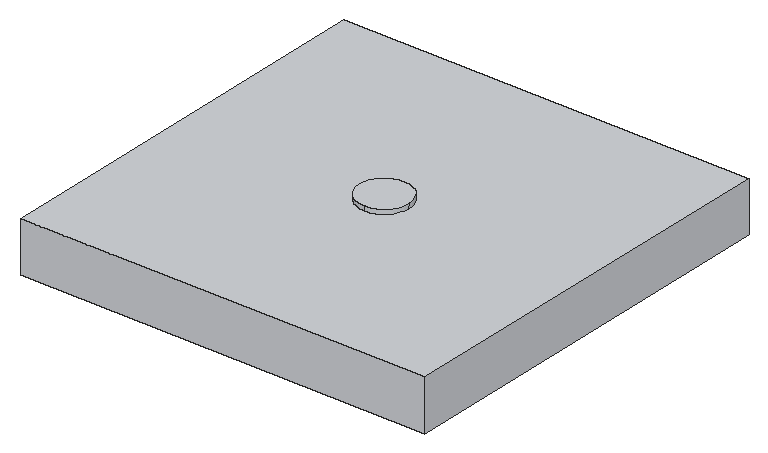
Revit family "M_Conector do duto redondo - Outro ar - Terminal de ar", category Terminais de ar, Revit 2019
Family settings
  Hospedeiro = Face
  Cota do conector redondo = Usar raio
  Tipo de parte = Normal
  Número OmniClass = 23.75.70.21.27
  Título OmniClass = Air Outlets and Inlets
  ID de item do Seek = Round Duct Connector - Other Air - Air Terminal-0000-CAN-ENU
  Corte com vazios quando carregada = Não
  Compartilhado = Não
  Ponto de cálculo do ambiente = Não
Parameters (values of type "Padrão")
  SetaAcimaVisível [instance] = yes
  Espessura = 25 mm
  SetaDireitaVisível [instance] = yes
  Raio = 150 mm
  SetaEsquerdaVisível [instance] = yes
  Fluxo [instance] = 47.19 L/s
  Diâmetro = Raio * 2  # 300 mm
  Default Elevation = 0 mm
  SetaInferiorVisível [instance] = yes
  Assembly Code = ""
  Deslocamento da seta = 362 mm
Reference planes
  plane 1 "Centro (Frente/Trás)": y = 0
  plane 2: z = 0
  plane 3 "Centro (Esquerda/Direita)": x = 0
Forms (mm)
  Extrusion 1, solid
    sketch origin (0, 0, 0) x (1, 0, 0) y (0, 1, 0)
      loop
        line (-1219.2, 1219.2) -> (-1219.2, -1219.2) -> (1219.2, -1219.2) -> (1219.2, 1219.2) -> (-1219.2, 1219.2)
    from 0 to -304.8
  Sweep 2, solid
    path in 3D
      loop
        line (0, 0, 0) -> (0, 0, 25)
    profile "M_Duto - Redondo : Duto - Redondo" origin (0, 0, 12.5) x (0, -1, 0) y (1, 0, 0)
      loop
        arc (-150, 0) -> (-106.066, -106.066) -> (0, -150) r 150
        arc (0, -150) -> (106.066, -106.066) -> (150, 0) r 150
        arc (150, 0) -> (106.066, 106.066) -> (0, 150) r 150
        arc (0, 150) -> (-106.066, 106.066) -> (-150, 0) r 150
Lines and regions (mm)
  reference lines
    curve 1: line (0, 0, 0) -> (0, 0, 25)
  sketch lines
    curve 2: line (0, 0, 0) -> (0, 0, 25)
Dimensions and locks
  "Espessura": curve 1 to curve 1
  "Deslocamento da seta": plane 1 "Centro (Frente/Trás)" to nested 2
  "Deslocamento da seta": nested 1 to plane 3 "Centro (Esquerda/Direita)"
  "Deslocamento da seta": plane 1 "Centro (Frente/Trás)" to nested 4
  "Deslocamento da seta": plane 3 "Centro (Esquerda/Direita)" to nested 3
  aligned and locked: plane 2 to Extrusion 1
  aligned and locked: level to Extrusion 1
  aligned and locked: Extrusion 1 to curve 1
  aligned and locked: curve 1 to plane 1 "Centro (Frente/Trás)"
  aligned and locked: nested 2 to plane 3 "Centro (Esquerda/Direita)"
  aligned and locked: plane 1 "Centro (Frente/Trás)" to nested 1
  aligned and locked: plane 3 "Centro (Esquerda/Direita)" to nested 4
  aligned and locked: nested 3 to plane 1 "Centro (Frente/Trás)"
Automatic sketch dimensions
  Extrusion 1 sketch curve to Extrusion 1 sketch curve = 2438.4 mm  (x2)
Nested families
  nested 1: "M_Seta terminal do duto_Reverso" at (-362, 0, 0), visible <- "SetaEsquerdaVisível", type "Seta do terminal do duto_Reverso"
  nested 2: "M_Seta terminal do duto_Reverso" at (0, 362, 0) x (0, -1, 0) z (0, 0, 1), visible <- "SetaAcimaVisível", type "Seta do terminal do duto_Reverso"
  nested 3: "M_Seta terminal do duto_Reverso" at (362, 0, 0) x (-1, 0, 0) z (0, 0, 1), visible <- "SetaDireitaVisível", type "Seta do terminal do duto_Reverso"
  nested 4: "M_Seta terminal do duto_Reverso" at (0, -362, 0) x (0, 1, 0) z (0, 0, 1), visible <- "SetaInferiorVisível", type "Seta do terminal do duto_Reverso"
Connectors
  hvac at (0, 0, 25), driven by "Raio", driven by "Fluxo"
    settings: on Sweep 2, index 1, duct flow 47.19 L/s, flow factor 0, pres drop 0.0 Pa, loss coef 0, conn angle 0.00°, conn width 304.8 mm, conn height 304.8 mm, conn diameter 300 mm, duct sys type 4, conn prof type 0, flow config 1, flow direction 2, loss method 0, conn ref index -1, conn util no, is conn primary yes, conn desc ""
Definition of nested family "M_Seta terminal do duto_Reverso"
  Reference planes
    plane 1: y = 0
    plane 2: x = 0
  Lines and regions (mm)
    Filled region 1, type "Preto sólido"
      outline origin (-25.4, 0, 0) x (1, 0, 0) y (0, 1, 0)
        loop
          line (25.4, 0) -> (22.225, 1.156) -> (22.225, -1.156) -> (25.4, 0)
    detail lines
      curve 1: line (-6.35, 0, 0) -> (0, 0, 0)
